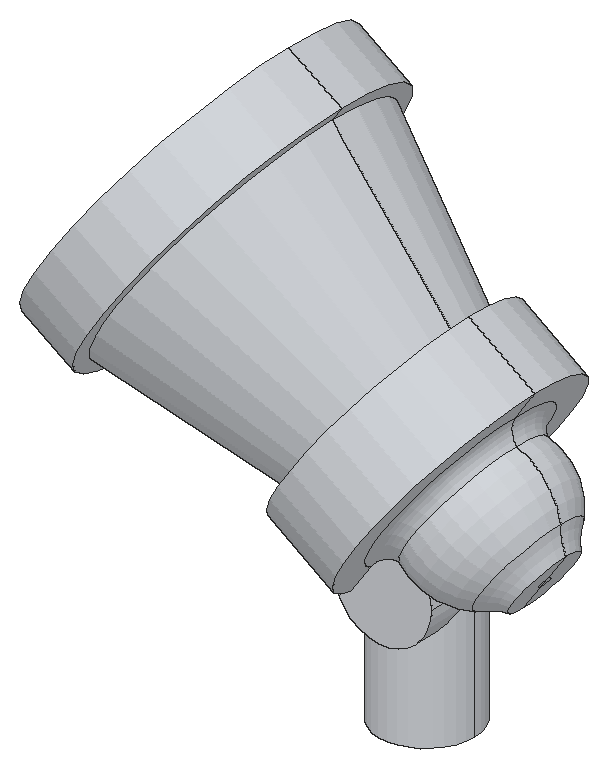
Revit family "EL733", category Lighting Fixtures, host Face, Revit 2012
Parameters
  Wattage Comments = ""
  Wattage = 9.2903 W
  WIDTH = 2' - 0"
  built-in parameter 1150110 = 1 (stored number, unit not read)
  Voltage = 0 V
  built-in parameter 1114217 = 1 (stored number, unit not read)
  Tilt Angle = 90.00°
  built-in parameter 1150109 = 1 (stored number, unit not read)
  built-in parameter 1150134 = 3
  built-in parameter 1150113 = 1 (stored number, unit not read)
  Product Page URL = ""
  Product Documentation Link = ""
  Power Factor = 1
  Photometric Web File = "generic"
  Number of Poles = 1
  built-in parameter 1150142 = (empty or 0)
  Model = ""
  Manufacturer = ""
  built-in parameter 1150105 = 109.82 (stored number, unit not read)
  Lumens = 1380 lm
  built-in parameter 1150115 = 1 (stored number, unit not read)
  built-in parameter 1150137 = (empty or 0)
  built-in parameter 1150139 = (empty or 0)
  built-in parameter 1150112 = 1 (stored number, unit not read)
  built-in parameter 1150114 = 1 (stored number, unit not read)
  Lamp = ""
  LEGNTH = 4' - 6"
  built-in parameter 1150132 = (empty or 0)
  built-in parameter 1150102 = (empty or 0)
  built-in parameter 1150107 = 3200 (stored number, unit not read)
  built-in parameter 1150138 = (empty or 0)
  built-in parameter 1150106 = 1.0982 (stored number, unit not read)
  IES FILE LINK = ""
  built-in parameter 1150104 = 13.8 (stored number, unit not read)
  Dimming Lamp Color Temperature Shift = (empty or 0)
  Default Elevation = 4' - 0"
  Color Filter = 16777215
  built-in parameter 1114218 = 1 (stored number, unit not read)
  built-in parameter 1150133 = 10 (stored number, unit not read)
  Apparent Load = 0 VA
Reference planes (in)
  plane 1 "Center (Front/Back)": y = 0
  plane 2: z = 0
  plane 3 "Center (Left/Right)": x = 0
  plane 4: z = 2.125
  plane 5: x = 1.5
Forms (in)
  Revolve 1, solid
    sketch origin (-2.58928, 0, 0.70666) x (0.819152, 0, -0.573576) y (0.573576, 0, 0.819152)
      loop
        line (-3.53855, 1.97263) -> (-3.53855, 1.77525) -> (-2.53855, 1.77525) -> (-2.53855, 2.02525) -> (0.34524, 2.85216) -> (0.34524, 2.43772) -> (1.59524, 2.43772) -> (1.59524, 2.93772)
        arc (1.59524, 2.93772) -> (1.66095, 3.14612) -> (1.8343, 3.27914) r 0.36333
        arc (1.8343, 3.27914) -> (2.39882, 3.29097) -> (2.88382, 3.58009) r 1.10521
        arc (2.88382, 3.58009) -> (3.02099, 3.74962) -> (3.19052, 3.88678) r 1.03897
        line (3.19052, 3.88678) -> (3.19052, 4.34049) -> (3.19052, 4.45941) -> (2.94052, 4.45941) -> (2.94052, 3.95941)
        arc (2.94052, 3.95941) -> (2.37304, 3.52911) -> (1.66174, 3.49398) r 1.20609
        line (1.66174, 3.49398) -> (0.16174, 3.49398) -> (0.16174, 2.99398) -> (-2.72204, 2.16706) -> (-2.72204, 1.97263) -> (-3.53855, 1.97263)
      axis (3.19052, 4.45941) -> (-3.53855, 4.45941)
    angle from 0 to 360
  Extrusion 2, solid
    sketch origin (0, 0, 0) x (1, 0, 0) y (0, 1, 0)
      loop
        circle (0.75, 0) r 0.75286
    from 4.45067 to 0
  Extrusion 3, solid
    sketch origin (0, 0, 0) x (1, 0, 0) y (0, 0, 1)
      loop
        circle (0.75, 2.125) r 0.75
    from 0.83704 to -0.84093
Lines and regions (in)
  reference lines
    curve 1: line (0, 0, 0) -> (0.75, 0, 0)
Dimensions and locks (in)
  aligned and locked: plane 2 to host face
  aligned and locked: level to host face
Connectors (in)
  electrical at (0, 0, 0), driven by "Number of Poles", driven by "Voltage", driven by "Apparent Load", driven by "Power Factor"
    settings: on host face, index 1, voltage 0 V, apparent load 0 VA, apparent load phase1 0 VA, apparent load phase2 0 VA, apparent load phase3 0 VA, power factor 1, load classification "Other", number of poles 1, system type 31, power factor state 1, is connector primary yes, connector utility yes, sub classification motor no, connector description "Power"
